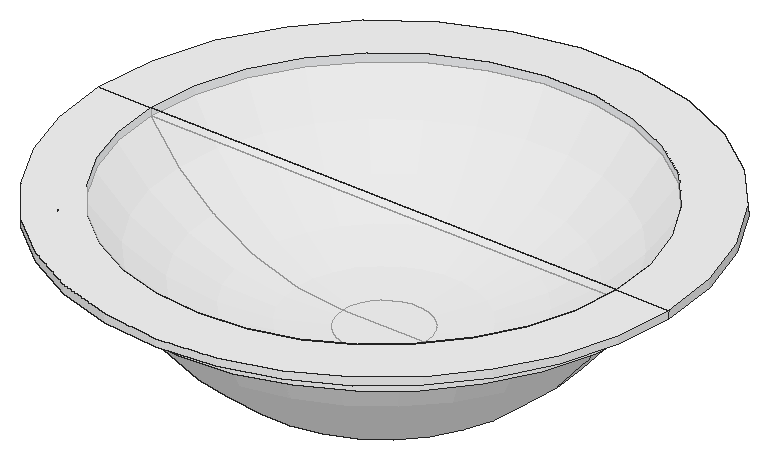
Revit family "0030345 Sylvania Lighting Fixture START Downlight 205 IP44 1-10V 2075Lm 840", category Lighting Fixtures, host Face, Revit 2016
Family settings
  Host = Face
  Part Type = Normal
  Round Connector Dimension = Use Diameter
  OmniClass Number = 23.80.70.00
  OmniClass Title = Lighting
  Cut with Voids When Loaded = No
  Light Source = Yes
  Shared = No
  Room Calculation Point = No
Parameters (values of type "0030345 ST DOWNLIGHT 205 IP44 1-10V 2075LM 840")
  Weight = "9.168 kg"
  Wattage Comments = ""
  Wattage = 20 W
  WarrantyStartDate [instance] = "n/a"
  WarrantyGuarantorParts = "n/a"
  WarrantyDurationUnit = "n/a"
  WarrantyDurationParts = "n/a"
  WarrantyDescription = "n/a"
  built-in parameter 1150110 = 1 (stored number, unit not read)
  Voltage = 230 V
  URL = "http://www.sylvania-lighting.com"
  TypeName = "START Downlight 205 IP44 1-10V 2075Lm 840"
  Type Image = <None>
  Type Comments = "n/a"
  built-in parameter 1114217 = 1 (stored number, unit not read)
  Tilt Angle = -90.00°
  built-in parameter 1150109 = 1 (stored number, unit not read)
  built-in parameter 1150134 = 12
  built-in parameter 1150113 = 1 (stored number, unit not read)
  SerialNumber [instance] = "n/a"
  S_SYL = no
  RadiusTop_SYL = if(S_SYL, 80 mm, if(M_SYL, 100 mm, if(L_SYL, 120 mm, 120 mm)))  # 120 mm
  Photometric Web File = "0030345.ies"
  Material_3_FEILO = Top-Sylvania-STARTDownlight
  PowerFactor = 0.9
  PowerConsumption = "20 W"
  NominalLength = 220 mm
  NominalHeight = 60 mm
  NominalDepth = 220 mm
  Name = "START Downlight 205 IP44 1-10V 2075Lm 840"
  ModelReference = Name  # "START Downlight 205 IP44 1-10V 2075Lm 840"
  ModelNumber = "0030345"
  Model = Name  # "START Downlight 205 IP44 1-10V 2075Lm 840"
  Material = "aluminium housing, polycarbonate diffuser"
  ManufacturerName = "Feilo Sylvania"
  Manufacturer = "Feilo Sylvania"
  M_SYL = no
  LuminousEfficacy = "98.71 lm/W"
  built-in parameter 1150105 = 1041.2 (stored number, unit not read)
  Lumens = 1974.28 lm
  LuminaireType = ""
  built-in parameter 1150115 = 1 (stored number, unit not read)
  LightOutputRatio = "100"
  built-in parameter 1150137 = (empty or 0)
  built-in parameter 1150139 = (empty or 0)
  LampsType = Lamp  # "LED"
  LampNominalLuminous = "1974 lm"
  LampMacAdamStep = "5"
  LampColourTemperature = "4000 K"
  LampColourRenderingIndex = "80"
  built-in parameter 1150112 = 1 (stored number, unit not read)
  built-in parameter 1150114 = 1 (stored number, unit not read)
  Lamp = "LED"
  L_SYL = yes
  Keynote = "16500"
  InstallationDate [instance] = "n/a"
  InputVoltage = "220-240V~"
  InputNominalFrequency = "50/60 Hz"
  built-in parameter 1150132 = (empty or 0)
  built-in parameter 1150102 = (empty or 0)
  built-in parameter 1150107 = 4000 (stored number, unit not read)
  built-in parameter 1150138 = (empty or 0)
  IngressProtection = "IP20/44"
  ImpactProtectionIndex = "IK07"
  built-in parameter 1150106 = 10.412 (stored number, unit not read)
  IfcExportType = "IfcLightFixtureType"
  IfcExportAs = "IfcLightFixtureType"
  Height_SYL = if(S_SYL, 41 mm, if(M_SYL, 47 mm, if(L_SYL, 56 mm, 62 mm)))  # 56 mm
  ExpectedLife = 50000
  Emit from Circle Diameter = Diameter_SYL - 40 mm  # 180 mm
  Emit Shape Visible in Rendering = no
  ElectricShockClassification = "Class II"
  built-in parameter 1150104 = 9.1708 (stored number, unit not read)
  DurationUnit = "hours"
  DocumentationLiterature = "http://www.sylvania-lighting.com/product/en-int/products/0030345"
  DimmingControlOptions = "Dimmable"
  Material_2_FEILO = Diffuser-Sylvania-STARTDownlight
  Dimming Lamp Color Temperature Shift = <None>
  Diameter_SYL = if(S_SYL, 164 mm, if(M_SYL, 193 mm, if(L_SYL, 220 mm, 240 mm)))  # 220 mm
  DiameterTop_SYL = if(S_SYL, 77 mm, if(M_SYL, 81 mm, if(L_SYL, 104 mm, 105 mm)))  # 104 mm
  DiameterRecess_SYL = if(S_SYL, 141 mm, if(M_SYL, 169 mm, if(L_SYL, 198 mm, 216 mm)))  # 198 mm
  Description = ""
  Default Elevation = 1219.2 mm
  CreatedOn = "8/1/2018"
  CreatedBy = "@sylvania-lighting.com"
  Cost = 0
  Color Filter = 16777215
  built-in parameter 1114216 [instance] = (empty or 0)
  ClassificationValue = "EF_70_80"
  ClassificationName = "Uniclass2015"
  Material_1_FEILO = Trim-Sylvania-STARTDownlight-White
  BarCode [instance] = "n/a"
  built-in parameter 1114218 = 1 (stored number, unit not read)
  built-in parameter 1150133 = 10 (stored number, unit not read)
  AssetType = "Fixed"
  AssetIdentifier [instance] = "n/a"
  Assembly Code = "D5020200"
  Apparent Load = 20 VA
  Material_4_FEILO = LED-Sylvania-STARTDownlight
Reference planes
  plane 1 "Center (Front/Back)": y = 0
  plane 2: z = 0
  plane 3 "Center (Left/Right)": x = 0
  plane 4: x = 110
  plane 5: x = -110
  plane 6: z = 3
  plane 7: z = -8
  plane 8: z = -51
  plane 9: z = -53
  plane 10: x = -99
  plane 11: x = 99
  plane 12: x = -52
  plane 13: x = 52
  plane 14: x = -90
  plane 15: x = 90
  plane 16: z = -85
  plane 17: x = -90
  plane 18: z = 2
  plane 19: z = -41
  plane 20: x = -16
Forms (mm)
  Revolve 1, solid
    sketch origin (0, 0, 0) x (1, 0, 0) y (0, 0, 1)
      loop
        line (-110, 3) -> (-110, 0) -> (-99, 0) -> (-99, -8) -> (-90, -8)
        arc (-90, -8) -> (-73.608, -31.805) -> (-52, -51) r 120
        line (-52, -51) -> (0, -51) -> (0, -41) -> (-16, -41)
        arc (-16, -41) -> (-58.3, -30.065) -> (-90, 0) r 87.28
        line (-90, 0) -> (-90, 3) -> (-110, 3)
      axis (0, 3) -> (0, -51)
    angle from 360 to 0
  Revolve 2, void
    sketch origin (0, 0, 0) x (1, 0, 0) y (0, 0, 1)
      loop
        line (0, 0) -> (-99, 0) -> (-99, -85) -> (0, -85) -> (0, 0)
      axis (0, 0) -> (0, -85)
    angle from 360 to 0
  Revolve 3, solid, material "Diffuser-Sylvania-STARTDownlight" <- "Material_2_FEILO"
    sketch origin (0, 0, 0) x (1, 0, 0) y (0, 0, 1)
      loop
        line (-90, 3) -> (-90, 0) -> (0, 0) -> (0, 3) -> (-90, 3)
      axis (0, 3) -> (0, 0)
    angle from 360 to 0
Dimensions and locks
  equal spacing: plane 4, plane 3 "Center (Left/Right)", plane 5
  "Diameter_SYL": plane 4 to plane 5
  equal spacing: plane 11, plane 3 "Center (Left/Right)", plane 10
  equal spacing: plane 13, plane 3 "Center (Left/Right)", plane 12
  "DiameterTop_SYL": plane 13 to plane 12
  equal spacing: plane 15, plane 3 "Center (Left/Right)", plane 14
  locked: plane 6 to plane 2 at 3
  "Height_SYL": plane 6 to plane 9
  locked: plane 8 to plane 9 at 2
  locked: plane 2 to plane 7 at 8
  locked: plane 2 to plane 16 at 85
  locked: plane 17 to plane 5 at 20
  locked: plane 6 to plane 18 at 1
  "DiameterRecess_SYL": plane 11 to plane 10
  locked: plane 19 to plane 8 at 10
  locked: plane 3 "Center (Left/Right)" to plane 20 at 16
  locked: plane 14 to plane 5 at 20
  "RadiusTop_SYL": radius of Revolve 1 sketch curve
  aligned and locked: plane 2 to host face
  aligned and locked: level to host face
  aligned and locked: Revolve 1 sketch curve to plane 5
  aligned and locked: Revolve 1 sketch curve to level
  aligned and locked: plane 7 to Revolve 1 sketch curve
  aligned and locked: Revolve 1 sketch curve to plane 10
  aligned and locked: plane 14 to Revolve 1 sketch curve
  aligned and locked: plane 3 "Center (Left/Right)" to Revolve 1 sketch curve
  aligned and locked: Revolve 1 sketch curve to plane 8
  aligned and locked: Revolve 1 sketch curve to plane 3 "Center (Left/Right)"
  aligned and locked: Revolve 2 sketch curve to plane 3 "Center (Left/Right)"
  aligned and locked: plane 3 "Center (Left/Right)" to Revolve 2 sketch curve
  aligned and locked: Revolve 2 sketch curve to plane 10
  aligned and locked: plane 16 to Revolve 2 sketch curve
  aligned and locked: Revolve 1 sketch curve to plane 6
  aligned and locked: plane 19 to Revolve 1 sketch curve
  aligned and locked: plane 20 to Revolve 1 sketch curve
  aligned and locked: Revolve 1 sketch curve to Revolve 1 sketch curve
  aligned and locked: plane 17 to Revolve 1 sketch curve
  aligned and locked: plane 2 to Revolve 1 sketch curve
  aligned and locked: Revolve 3 sketch curve to plane 3 "Center (Left/Right)"  (x2)
  aligned and locked: plane 3 "Center (Left/Right)" to imposter light
  aligned and locked: imposter light to plane 18
  aligned and locked: imposter light to plane 1 "Center (Front/Back)"
  aligned and locked: plane 14 to Revolve 3 sketch curve
Automatic sketch dimensions
  host sketch curve to host sketch curve = 2438.4 mm  (x2)
  plane 16 to Revolve 2 sketch curve = 524.6 mm
  Revolve 2 sketch curve to plane 6 = 2606.058 mm
  Revolve 1 sketch curve to plane 12 = 0 mm
  plane 16 to Revolve 1 sketch curve = 524.6 mm
  Revolve 1 sketch curve to Revolve 1 sketch curve = 2581.366 mm
  Revolve 2 sketch curve to level = 0 mm
  Revolve 3 sketch curve to plane 6 = 0 mm
  Revolve 3 sketch curve to level = 0 mm
  plane 16 to Revolve 3 sketch curve = 524.6 mm
  Revolve 3 sketch curve to Revolve 3 sketch curve = 2606.058 mm
Connectors
  electrical at (0, 0, 0), driven by "Apparent Load", driven by "PowerFactor", driven by "Voltage"
    settings: index 1, voltage 230 V, apparent load 20 VA, apparent load phase1 0 VA, apparent load phase2 0 VA, apparent load phase3 0 VA, power factor 0.9, load classification "Lighting", number of poles 1, system type 30, power factor state 1, is connector primary yes, connector utility no, sub classification motor no, connector description ""
